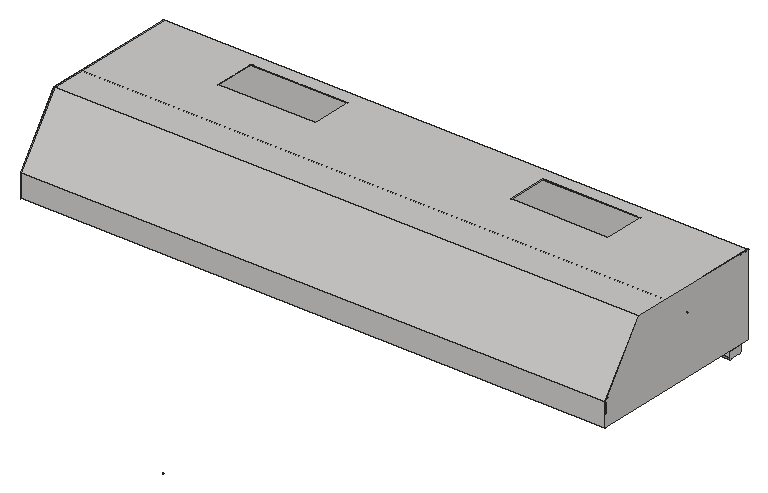
Revit family "QF_ELECTROLUXPROFESSIONAL_642336_BP1136DT", category Specialty Equipment, Revit 2014
Reference planes
  plane 1 "Center (Front/Back)": y = 0
  plane 2: z = 0
  plane 3 "Center (Left/Right)": x = 150
  plane 4 "LEFT": x = -1650
  plane 5 "RIGHT": x = 1950
  plane 6 "BACK": y = 550
  plane 7 "FRONT": y = -550
  plane 8 "TOP": z = 2500
  plane 9 "Base": z = 2000
  plane 10: z = 1926
  plane 11 "DrainY": y = 485
  plane 12: x = -1647
  plane 13: through (0, 414.509, 2000.8) normal (0, 0.7314, 0.682)
  plane 14: y = 470
  plane 15: y = 220
  plane 16 "DrainX": x = 1830
  plane 17: x = -450
  plane 18: x = 750
  plane 19: x = -1050
  plane 20: x = 1350
  plane 21: x = 1947
  plane 22: x = 1740
  plane 23: x = 1920
  plane 24: x = -1610
  plane 25: x = -1245
  plane 26: x = -850
  plane 27: x = 1910
  plane 28: x = 1545
  plane 29: x = 1150
  plane 30: x = -47.5
  plane 31: x = 347.5
  plane 32: z = 2140
  plane 33: y = -289.2
Forms (mm)
  Extrusion 1, solid, material "QF_Finishes_Stainless Steel"
    sketch origin (-1650, 0, 360) x (0, 1, 0) y (0, 0, 1)
      loop
        line (550, 1640) -> (550, 2140) -> (-289.2, 2140) -> (-550, 1780) -> (-550, 1640) -> (550, 1640)
    from 0 to 3
  Extrusion 2, solid, material "QF_Finishes_Stainless Steel"
    sketch origin (150, 0, 360) x (0, 1, 0) y (0, 0, 1)
      loop
        line (415.255, 1640) -> (550, 1640) -> (550, 2139.19) -> (549.2, 2139.19) -> (549.2, 1640.8) -> (415.876, 1640.8) -> (339.347, 1722.867) -> (349.609, 1732.436) -> (348.927, 1733.167) -> (337.934, 1722.917) -> (415.255, 1640)
      loop
        line (-82.203, 2139.19) -> (-82.203, 2118.6) -> (-31.047, 2118.6) -> (34.354, 2048.466) -> (46.028, 2059.352) -> (45.346, 2060.083) -> (34.403, 2049.879) -> (-30.612, 2119.6) -> (-81.203, 2119.6) -> (-81.203, 2139.19) -> (-82.203, 2139.19)
    from -1797 to 1797
  Extrusion 3, solid, material "QF_Finishes_Stainless Steel"
    sketch origin (1950, 0, 360) x (0, 1, 0) y (0, 0, 1)
      loop
        line (550, 1640) -> (550, 2140) -> (-289.2, 2140) -> (-550, 1780) -> (-550, 1640) -> (550, 1640)
    from 0 to -3
  Extrusion 4, solid, material "QF_Finishes_Stainless Steel"
    sketch origin (150, 0, 360) x (0, 1, 0) y (0, 0, 1)
      loop
        line (550, 2139.19) -> (550, 2140) -> (-289.2, 2140) -> (-550, 1780) -> (-550, 1640) -> (-549.2, 1640) -> (-549.2, 1779.741) -> (-288.799, 2139.19) -> (550, 2139.19)
    from -1800 to 1800
  Extrusion 5, solid, material "QF_Finishes_Stainless Steel"
    sketch origin (150, 0, 360) x (0, 1, 0) y (0, 0, 1)
      loop
        line (534, 1640) -> (436, 1640) -> (436, 1627) -> (443.5, 1627) -> (443.5, 1576)
        arc (443.5, 1576) -> (446.429, 1568.929) -> (453.5, 1566) r 10
        line (453.5, 1566) -> (516.5, 1566)
        arc (516.5, 1566) -> (523.571, 1568.929) -> (526.5, 1576) r 10
        line (526.5, 1576) -> (526.5, 1627) -> (534, 1627) -> (534, 1640)
    from 1590 to 1770
  Extrusion 6, solid, material "QF_Finishes_Stainless Steel"
    sketch origin (0, 0, 2000) x (0, 1, 0) y (-1, 0, 0)
      loop
        circle (485, -1830) r 20
    from -76 to -74
  Extrusion 7, solid, material "QF_Finished_Chrome"
    sketch origin (150, 0, 360) x (0, 1, 0) y (0, 0, 1)
      loop
        line (337.934, 1722.917) -> (341.591, 1726.327) -> (38.011, 2051.876) -> (34.354, 2048.466) -> (337.934, 1722.917)
    from -1395 to -1760
  Extrusion 8, solid, material "QF_Finished_Chrome"
    sketch origin (150, 0, 360) x (0, 1, 0) y (0, 0, 1)
      loop
        line (337.934, 1722.917) -> (341.591, 1726.327) -> (38.011, 2051.876) -> (34.354, 2048.466) -> (337.934, 1722.917)
    from -197.5 to -1000
  Extrusion 9, solid, material "QF_Finishes_Stainless Steel"
    sketch origin (150, 0, 360) x (0, 1, 0) y (0, 0, 1)
      loop
        line (337.934, 1722.917) -> (341.591, 1726.327) -> (38.011, 2051.876) -> (34.354, 2048.466) -> (337.934, 1722.917)
    from 1797 to 1760
  Extrusion 10, solid, material "QF_Finishes_Stainless Steel"
    sketch origin (150, 0, 360) x (0, 1, 0) y (0, 0, 1)
      loop
        line (341.588, 1726.324) -> (38.009, 2051.874) -> (34.354, 2048.466) -> (337.934, 1722.917) -> (341.588, 1726.324)
    from -1395 to -1000
  Extrusion 11, solid, material "QF_Finished_Chrome"
    sketch origin (150, 0, 360) x (0, 1, 0) y (0, 0, 1)
      loop
        line (341.588, 1726.324) -> (38.009, 2051.874) -> (34.354, 2048.466) -> (337.934, 1722.917) -> (341.588, 1726.324)
    from 1395 to 1760
  Extrusion 12, void
    sketch origin (0, 0, 2500) x (0, 1, 0) y (-1, 0, 0)
      loop
        line (470, 1050) -> (220, 1050) -> (220, 450) -> (470, 450) -> (470, 1050)
    from 0 to -10
  Extrusion 13, void
    sketch origin (940, 0, 2500) x (0, 1, 0) y (-1, 0, 0)
      loop
        line (470, 190) -> (220, 190) -> (220, -410) -> (470, -410) -> (470, 190)
    from 0 to -10
  Extrusion 14, solid, material "QF_Finishes_Stainless Steel"
    sketch origin (0, 0, 0) x (1, 0, 0) y (0, 1, 0)
      loop
        line (-1650, 550) -> (-1650, 549) -> (-1649, 549) -> (-1649, 550) -> (-1650, 550)
    from 0 to 1
  Extrusion 15, solid, material "QF_Finishes_Stainless Steel"
    sketch origin (150, 0, 360) x (0, 1, 0) y (0, 0, 1)
      loop
        line (337.934, 1722.917) -> (341.591, 1726.327) -> (38.011, 2051.876) -> (34.354, 2048.466) -> (337.934, 1722.917)
    from -1760 to -1797
  Extrusion 16, solid, material "QF_Finishes_Stainless Steel"
    sketch origin (150, 0, 360) x (0, 1, 0) y (0, 0, -1)
      loop
        line (341.588, -1726.324) -> (337.934, -1722.917) -> (34.354, -2048.466) -> (38.009, -2051.874) -> (341.588, -1726.324)
    from -1395 to -1000
  Extrusion 17, solid, material "QF_Finished_Chrome"
    sketch origin (150, 0, 360) x (0, 1, 0) y (0, 0, 1)
      loop
        line (337.934, 1722.917) -> (341.591, 1726.327) -> (38.011, 2051.876) -> (34.354, 2048.466) -> (337.934, 1722.917)
    from 1000 to 197.5
  Extrusion 18, solid, material "QF_Finishes_Stainless Steel"
    sketch origin (150, 0, 360) x (0, 1, 0) y (0, 0, -1)
      loop
        line (341.588, -1726.324) -> (337.934, -1722.917) -> (34.354, -2048.466) -> (38.009, -2051.874) -> (341.588, -1726.324)
    from -197.5 to 197.5
Cuts and joins
  Extrusion 12, Extrusion 13 cuts Extrusion 4
  joined: Extrusion 2, Extrusion 4
Lines and regions (mm)
  reference lines
    curve 1: line (150, 34.354, 2408.466) -> (150, 34.354, 2248.466)
  symbolic lines, style "SpecialityEquipment", detail levels coarse
    curve 2: line (1950, 550, 2500) -> (-1650, 550, 2500)
    curve 3: line (-1650, 550, 2500) -> (-1650, -550, 2500)
    curve 4: line (1950, -550, 2500) -> (1950, 550, 2500)
    curve 5: line (-1650, -550, 2500) -> (1950, -550, 2500)
    curve 6: line (-1050, 220, 2500) -> (-450, 220, 2500)
    curve 7: line (-1050, 470, 2500) -> (-1050, 220, 2500)
    curve 8: line (-450, 470, 2500) -> (-1050, 470, 2500)
    curve 9: line (-450, 220, 2500) -> (-450, 470, 2500)
    curve 10: line (750, 470, 2500) -> (750, 220, 2500)
    curve 11: line (750, 220, 2500) -> (1350, 220, 2500)
    curve 12: line (1350, 470, 2500) -> (750, 470, 2500)
    curve 13: line (1350, 220, 2500) -> (1350, 470, 2500)
    curve 14: line (-1650, -289.2, 0) -> (1950, -289.2, 0)
    curve 15: line (-1650, 550, 0) -> (1950, -289.2, 0)
    curve 16: line (1950, 550, 0) -> (-1650, -289.2, 0)
Dimensions and locks
  plane 4 "LEFT" to plane 5 "RIGHT" = 3600 mm
  equal spacing: plane 4 "LEFT", plane 3 "Center (Left/Right)", plane 5 "RIGHT"
  locked: plane 8 "TOP" to plane 9 "Base" at 500
  plane 9 "Base" to plane 10 = 74 mm
  plane 6 "BACK" to plane 11 "DrainY" = 65 mm  (x2)
  plane 4 "LEFT" to plane 12 = 3 mm
  plane 6 "BACK" to plane 14 = 80 mm
  plane 14 to plane 15 = 250 mm  (x2)
  plane 16 "DrainX" to plane 5 "RIGHT" = 120 mm
  locked: plane 17 to plane 18 at 1200
  equal spacing: plane 17, plane 3 "Center (Left/Right)", plane 18
  plane 19 to plane 17 = 600 mm
  plane 18 to plane 20 = 600 mm
  plane 21 to plane 5 "RIGHT" = 3 mm
  locked: plane 22 to plane 16 "DrainX" at 90
  locked: plane 16 "DrainX" to plane 23 at 90
  plane 6 "BACK" to plane 7 "FRONT" = 1100 mm  (x2)
  equal spacing: plane 6 "BACK", plane 1 "Center (Front/Back)", plane 7 "FRONT"
  plane 15 to plane 7 "FRONT" = 770 mm
  plane 14 to plane 6 "BACK" = 80 mm
  locked: plane 4 "LEFT" to plane 24 at 40
  locked: plane 24 to plane 25 at 365
  locked: plane 25 to plane 26 at 395
  locked: plane 27 to plane 28 at 365
  locked: plane 28 to plane 29 at 395
  locked: plane 27 to plane 5 "RIGHT" at 40
  locked: plane 30 to plane 31 at 395
  equal spacing: plane 30, plane 3 "Center (Left/Right)", plane 31
  plane 26 to plane 30 = 802.5 mm
  plane 31 to plane 29 = 802.5 mm
  plane 33 to plane 7 "FRONT" = 260.8 mm
  plane 32 to plane 9 "Base" = 140 mm
  locked: plane 9 "Base" to level at 2000
  aligned and locked: level to plane 2
  aligned and locked: Extrusion 2 to Extrusion 1
  aligned and locked: Extrusion 2 to Extrusion 3
  aligned and locked: plane 5 "RIGHT" to Extrusion 4
  aligned and locked: Extrusion 4 to plane 4 "LEFT"
  aligned and locked: plane 21 to Extrusion 9
  aligned and locked: plane 19 to Extrusion 12
  aligned and locked: Extrusion 12 to plane 17
  aligned and locked: Extrusion 12 to plane 15
  aligned and locked: Extrusion 12 to plane 14
  aligned and locked: Extrusion 13 to plane 20
  aligned and locked: plane 18 to Extrusion 13
  aligned and locked: plane 23 to Extrusion 5
  aligned and locked: Extrusion 5 to plane 22
  aligned and locked: Extrusion 9 to plane 27
  aligned and locked: Extrusion 11 to plane 27
  aligned and locked: Extrusion 11 to plane 28
  aligned and locked: Extrusion 8 to plane 26
  aligned and locked: plane 26 to Extrusion 10
  aligned and locked: Extrusion 10 to plane 25
  aligned and locked: plane 25 to Extrusion 7
  aligned and locked: Extrusion 7 to plane 24
  aligned and locked: Extrusion 15 to plane 12
  aligned and locked: plane 24 to Extrusion 15
  aligned and locked: Extrusion 16 to plane 29
  aligned and locked: Extrusion 16 to plane 28
  aligned and locked: Extrusion 3 to plane 21
  aligned and locked: plane 30 to Extrusion 8
  aligned and locked: Extrusion 17 to plane 29
  aligned and locked: Extrusion 17 to plane 31
  aligned and locked: plane 31 to Extrusion 18
  aligned and locked: Extrusion 18 to plane 30
Automatic sketch dimensions
  curve 5 to plane 4 "LEFT" = 0 mm
  curve 5 to plane 7 "FRONT" = 0 mm
  curve 9 to plane 15 = 0 mm
  curve 10 to plane 15 = 0 mm
  plane 14 to curve 8 = 0 mm
  plane 14 to curve 12 = 0 mm
  curve 3 to plane 6 "BACK" = 0 mm
  curve 5 to plane 5 "RIGHT" = 0 mm
  curve 11 to plane 20 = 0 mm
  curve 10 to plane 18 = 0 mm
  curve 6 to plane 17 = 0 mm
  curve 6 to plane 19 = 0 mm
  Extrusion 2 sketch curve to plane 13 = 0 mm  (x3)
  Extrusion 2 sketch curve to plane 9 "Base" = 0 mm
  plane 13 to Extrusion 2 sketch curve = 0 mm
  Extrusion 2 sketch curve to plane 6 "BACK" = 0 mm
  Extrusion 2 sketch curve to Extrusion 2 sketch curve = 65.646 mm
  Extrusion 2 sketch curve to Extrusion 2 sketch curve = 0.682 mm  (x2)
  Extrusion 2 sketch curve to Extrusion 2 sketch curve = 10.261 mm
  plane 9 "Base" to Extrusion 2 sketch curve = 82.917 mm
  Extrusion 2 sketch curve to plane 1 "Center (Front/Back)" = 46.028 mm
  Extrusion 2 sketch curve to Extrusion 2 sketch curve = 10.942 mm
  Extrusion 2 sketch curve to Extrusion 2 sketch curve = 0.049 mm
  Extrusion 2 sketch curve to plane 8 "TOP" = 20.4 mm
  Extrusion 2 sketch curve to plane 8 "TOP" = 21.4 mm
  Extrusion 2 sketch curve to plane 8 "TOP" = 0.81 mm  (x2)
  Extrusion 2 sketch curve to Extrusion 2 sketch curve = 50.156 mm
  Extrusion 2 sketch curve to Extrusion 2 sketch curve = 1 mm
  plane 9 "Base" to Extrusion 2 sketch curve = 0.8 mm
  Extrusion 2 sketch curve to plane 6 "BACK" = 0.8 mm
  Extrusion 3 sketch curve to plane 6 "BACK" = 0 mm
  curve 1 to plane 13 = 0 mm
  curve 1 to plane 1 "Center (Front/Back)" = 34.354 mm
  Extrusion 5 sketch curve to plane 9 "Base" = 0 mm
  Extrusion 5 sketch curve to plane 10 = 0 mm
  Extrusion 5 sketch curve to plane 9 "Base" = 13 mm  (x2)
  plane 14 to Extrusion 5 sketch curve = 34 mm
  Extrusion 5 sketch curve to Extrusion 5 sketch curve = 7.5 mm  (x2)
  Extrusion 5 sketch curve to Extrusion 5 sketch curve = 10 mm
  plane 11 "DrainY" to Extrusion 5 sketch curve = 31.5 mm
  Extrusion 5 sketch curve to plane 6 "BACK" = 23.5 mm
  Extrusion 6 sketch curve to plane 11 "DrainY" = 0 mm
  Extrusion 6 sketch curve to plane 16 "DrainX" = 0 mm
  Extrusion 7 sketch curve to plane 13 = 0 mm  (x2)
  Extrusion 7 sketch curve to plane 1 "Center (Front/Back)" = 34.354 mm
  Extrusion 7 sketch curve to Extrusion 7 sketch curve = 3.657 mm
  plane 9 "Base" to Extrusion 7 sketch curve = 82.917 mm
  Extrusion 8 sketch curve to plane 13 = 0 mm  (x2)
  Extrusion 8 sketch curve to plane 1 "Center (Front/Back)" = 34.354 mm
  Extrusion 8 sketch curve to Extrusion 8 sketch curve = 3.657 mm
  plane 9 "Base" to Extrusion 8 sketch curve = 82.917 mm
  Extrusion 9 sketch curve to plane 13 = 0 mm  (x2)
  Extrusion 9 sketch curve to plane 1 "Center (Front/Back)" = 34.354 mm
  Extrusion 9 sketch curve to Extrusion 9 sketch curve = 3.657 mm
  plane 9 "Base" to Extrusion 9 sketch curve = 82.917 mm
  Extrusion 10 sketch curve to plane 13 = 0 mm  (x2)
  Extrusion 10 sketch curve to plane 1 "Center (Front/Back)" = 34.354 mm
  Extrusion 10 sketch curve to Extrusion 10 sketch curve = 3.655 mm
  plane 9 "Base" to Extrusion 10 sketch curve = 82.917 mm
  Extrusion 11 sketch curve to plane 13 = 0 mm  (x2)
  Extrusion 11 sketch curve to plane 1 "Center (Front/Back)" = 34.354 mm
  Extrusion 11 sketch curve to Extrusion 11 sketch curve = 3.655 mm
  plane 9 "Base" to Extrusion 11 sketch curve = 82.917 mm
  Extrusion 12 sketch curve to plane 15 = 0 mm
  plane 14 to Extrusion 12 sketch curve = 0 mm
  Extrusion 12 sketch curve to plane 17 = 0 mm
  Extrusion 12 sketch curve to plane 19 = 0 mm
  Extrusion 13 sketch curve to plane 15 = 0 mm
  plane 14 to Extrusion 13 sketch curve = 0 mm
  Extrusion 13 sketch curve to plane 20 = 0 mm
  Extrusion 13 sketch curve to plane 18 = 0 mm
  Extrusion 14 sketch curve to plane 4 "LEFT" = 0 mm
  Extrusion 14 sketch curve to plane 6 "BACK" = 0 mm
  plane 4 "LEFT" to Extrusion 14 sketch curve = 1 mm
  Extrusion 14 sketch curve to Extrusion 14 sketch curve = 1 mm
  Extrusion 15 sketch curve to plane 13 = 0 mm  (x2)
  Extrusion 15 sketch curve to plane 1 "Center (Front/Back)" = 34.354 mm
  Extrusion 15 sketch curve to Extrusion 15 sketch curve = 3.657 mm
  plane 9 "Base" to Extrusion 15 sketch curve = 82.917 mm
  Extrusion 16 sketch curve to plane 13 = 0 mm  (x2)
  Extrusion 16 sketch curve to plane 1 "Center (Front/Back)" = 34.354 mm
  Extrusion 16 sketch curve to Extrusion 16 sketch curve = 3.655 mm
  plane 9 "Base" to Extrusion 16 sketch curve = 82.917 mm
  Extrusion 17 sketch curve to plane 13 = 0 mm  (x2)
  Extrusion 17 sketch curve to plane 1 "Center (Front/Back)" = 34.354 mm
  Extrusion 17 sketch curve to Extrusion 17 sketch curve = 3.657 mm
  plane 9 "Base" to Extrusion 17 sketch curve = 82.917 mm
  Extrusion 18 sketch curve to plane 13 = 0 mm  (x2)
  Extrusion 18 sketch curve to plane 1 "Center (Front/Back)" = 34.354 mm
  Extrusion 18 sketch curve to Extrusion 18 sketch curve = 3.655 mm
  plane 9 "Base" to Extrusion 18 sketch curve = 82.917 mm
  curve 1 to curve 1 = 160 mm
  Extrusion 4 sketch curve to plane 7 "FRONT" = 0 mm
  Extrusion 4 sketch curve to plane 8 "TOP" = 0 mm
  Extrusion 4 sketch curve to plane 33 = 0 mm
  Extrusion 4 sketch curve to plane 6 "BACK" = 0 mm
  Extrusion 4 sketch curve to plane 9 "Base" = 0 mm
  Extrusion 4 sketch curve to plane 32 = 0 mm
  Extrusion 4 sketch curve to plane 32 = 0.259 mm
  plane 7 "FRONT" to Extrusion 4 sketch curve = 0.8 mm
  Extrusion 4 sketch curve to Extrusion 4 sketch curve = 0.81 mm
  Extrusion 4 sketch curve to plane 33 = 0.401 mm
  Extrusion 1 sketch curve to plane 7 "FRONT" = 0 mm
  Extrusion 1 sketch curve to plane 8 "TOP" = 0 mm
  Extrusion 1 sketch curve to plane 33 = 0 mm
  Extrusion 1 sketch curve to plane 6 "BACK" = 0 mm
  Extrusion 1 sketch curve to plane 9 "Base" = 0 mm
  Extrusion 1 sketch curve to plane 32 = 0 mm
  Extrusion 3 sketch curve to plane 7 "FRONT" = 0 mm
  Extrusion 3 sketch curve to plane 33 = 0 mm
  Extrusion 3 sketch curve to plane 32 = 0 mm
  Extrusion 3 sketch curve to plane 9 "Base" = 0 mm
  Extrusion 3 sketch curve to plane 8 "TOP" = 0 mm
  curve 15 to plane 4 "LEFT" = 0 mm
  curve 14 to plane 4 "LEFT" = 0 mm
  curve 16 to plane 5 "RIGHT" = 0 mm
  curve 15 to plane 5 "RIGHT" = 0 mm
  plane 33 to curve 14 = 0 mm
  curve 16 to plane 6 "BACK" = 0 mm
  curve 15 to plane 6 "BACK" = 0 mm
  radius of Extrusion 6 sketch curve = 20 mm
Connectors
  piping at (1830, 485, 1924), diameter 20
    settings: on Extrusion 6, index 1, connector inside diameter 609.6 mm, connector length 0 mm, flow factor 0, pipe flow 0.0 L/s, pressure drop 0.0 Pa, fitting loss kfactor 0, connector angle 0.00°, fixture units 0, engagement length 0 mm, angle of deflection 0.00°, flow configuration 1, flow direction 2, fitting loss method 0, system type 16, joint type 0, gender type 0, connector reference index -1, connector utility 0, adjustable connector no, is connector primary yes, connector description "Drain"
  hvac at (-750, 345, 2500)
    settings: on Extrusion 12, index 2, duct flow 0.0 L/s, flow factor 0, pres drop 0.0 Pa, loss coef 0, conn angle 0.00°, conn width 250 mm, conn height 600 mm, conn diameter 609.6 mm, duct sys type 3, conn prof type 1, flow config 1, flow direction 0, loss method 0, conn ref index -1, conn util no, is conn primary yes, conn desc "EXHAUST OUTLET"
  hvac at (1050, 345, 2500)
    settings: on Extrusion 13, index 3, duct flow 0.0 L/s, flow factor 0, pres drop 0.0 Pa, loss coef 0, conn angle 0.00°, conn width 250 mm, conn height 600 mm, conn diameter 609.6 mm, duct sys type 3, conn prof type 1, flow config 1, flow direction 0, loss method 0, conn ref index -1, conn util no, is conn primary no, conn desc "EXHAUST OUTLET"
